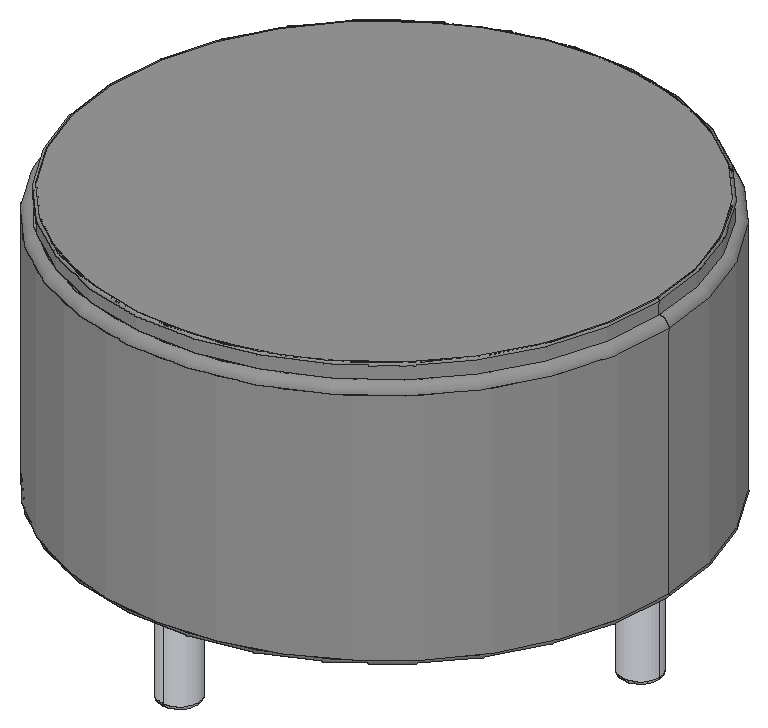
Revit family "30BOLT Center Table - Legs", category Generic Models, Revit 2018
Family settings
  Can host rebar = No
  Round Connector Dimension = Use Diameter
  Part Type = Normal
  Work Plane-Based = No
  Always vertical = Yes
  Cut with Voids When Loaded = No
  Shared = No
  Room Calculation Point = No
Parameters
  Surface = 30BOLT Surface
  Fabric = 30BOLT Fabric
  Edgeband = 30BOLT Edgeband
Reference planes (in)
  plane 1 "Center (Front/Back)": y = 0
  plane 2: z = 0
  plane 3 "Center (Left/Right)": x = 0
Forms (in)
  Revolve 1, solid, material "30BOLT Fabric" <- "Fabric"
    sketch origin (0, 0, 0) x (1, 0, 0) y (0, 0, 1)
      loop
        line (0, 17.25058) -> (0, 4) -> (14.75, 4)
        arc (14.75, 4) -> (14.92678, 4.07322) -> (15, 4.25) r 0.25
        line (15, 4.25) -> (15, 16.75058)
        arc (15, 16.75058) -> (14.85355, 17.10414) -> (14.5, 17.25058) r 0.5
        line (14.5, 17.25058) -> (0, 17.25058)
      axis (0, 17.25058) -> (0, 4)
    angle from 0 to 360
  Revolve 2, solid
    sketch origin (0, 0, 0) x (1, 0, 0) y (0, 0, 1)
      loop
        line (-13.5, 4) -> (-13.5, 0) -> (-12.62669, 0)
        arc (-12.62669, 0) -> (-12.53711, 0.03711) -> (-12.5, 0.12669) r 0.12669
        line (-12.5, 0.12669) -> (-12.5, 4) -> (-13.5, 4)
      axis (-13.5, 4) -> (-13.5, 0)
    angle from 0 to 360
  Revolve 3, solid
    sketch origin (0, 0, 0) x (-1, 0, 0) y (0, 0, 1)
      loop
        line (-13.5, 4) -> (-13.5, 0) -> (-12.62669, 0)
        arc (-12.62669, 0) -> (-12.53711, 0.03711) -> (-12.5, 0.12669) r 0.12669
        line (-12.5, 0.12669) -> (-12.5, 4) -> (-13.5, 4)
      axis (-13.5, 4) -> (-13.5, 0)
    angle from 0 to 360
  Revolve 4, solid
    sketch origin (0, 0, 0) x (0, -1, 0) y (0, 0, 1)
      loop
        line (-13.5, 4) -> (-13.5, 0) -> (-12.62669, 0)
        arc (-12.62669, 0) -> (-12.53711, 0.03711) -> (-12.5, 0.12669) r 0.12669
        line (-12.5, 0.12669) -> (-12.5, 4) -> (-13.5, 4)
      axis (-13.5, 4) -> (-13.5, 0)
    angle from 0 to 360
  Revolve 5, solid
    sketch origin (0, 0, 0) x (0, 1, 0) y (0, 0, -1)
      loop
        line (-13.5, -4) -> (-12.5, -4) -> (-12.5, -0.12669)
        arc (-12.5, -0.12669) -> (-12.53711, -0.03711) -> (-12.62669, 0) r 0.12669
        line (-12.62669, 0) -> (-13.5, 0) -> (-13.5, -4)
      axis (-13.5, -4) -> (-13.5, 0)
    angle from 0 to 360
  Extrusion 6, solid, material "30BOLT Surface" <- "Surface"
    sketch origin (-0.00012, 0, 0.00058) x (1, 0, 0) y (0, 1, 0)
      loop
        circle (0, 0) r 14.375
    from 17.25 to 18
  Sweep 7, solid, material "30BOLT Edgeband" <- "Edgeband"
    path origin (-0.00012, 0, 0.00058) x (1, 0, 0) y (0, 1, 0)
      loop
        circle (0, 0) r 14.375
    profile origin (-0.00012, 14.375, 0.00058) x (0, -1, 0) y (0, 0, 1)
      loop
        arc (0, 17.99942) -> (-0.08345, 17.96485) -> (-0.11802, 17.8814) r 0.11802
        line (-0.11802, 17.8814) -> (-0.11802, 17.25) -> (0, 17.25) -> (0, 17.99942)
Dimensions and locks (in)
  aligned and locked: plane 2 to level
